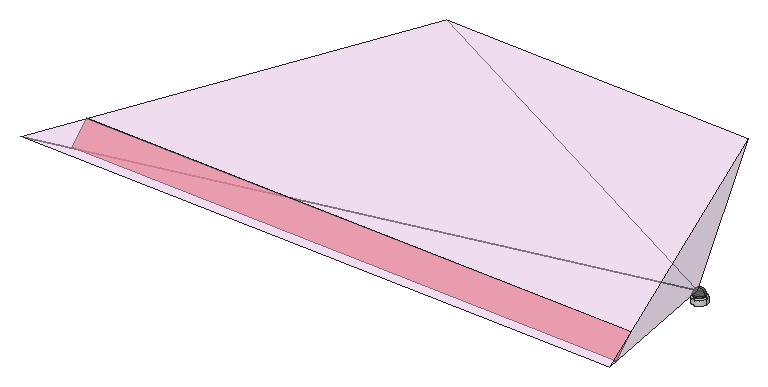
Revit family "Camera-Security-iPRO-2MP-PTZ-Network-U6530X_B6530XSeriesX", category Security Devices, host Face, Revit 2020
Family settings
  Host = Face
  Maintain Annotation Orientation = No
  Round Connector Dimension = Use Diameter
  Part Type = Normal
  OmniClass Number = 23.85.10.14.11
  OmniClass Title = Cameras
  Cut with Voids When Loaded = No
  Shared = No
  Room Calculation Point = No
Parameters (values of type "WV-B65301-Z1")
  z VV Viewpoint Depth Min = z VV Viewpoint Depth Max  # 1.80472"
  z VV Viewpoint Depth Max = if(or(z Camera Type = 11, z Camera Type = 21), 1.80472", if(or(z Camera Type = 12, z Camera Type = 22), 1.70039", 39.33071"))  # 1.80472"
  z VV Viewpoint Depth [instance] = (z VV Viewpoint Depth Max - z VV Viewpoint Depth Min) * z HFOV Ratio + z VV Viewpoint Depth Min  # 1.80472"
  z VV Origin HeightX [instance] = if(and(On Ceiling, Has Ceiling Mount), z VV Origin Height - z VV Origin Height Offset, z VV Origin Height)  # 3.80709"
  z VV Origin Height Offset [instance] = if(z Camera Type = 11, -1.25984", if(z Camera Type = 12, -1.41732", if(z Camera Type = 21, 2.24409", if(z Camera Type = 22, 2.83465", 39.33071"))))  # 2.24409"
  z VV Origin Height [instance] = if(or(z Camera Type = 11, z Camera Type = 21), 3.80709", if(or(z Camera Type = 12, z Camera Type = 22), 3.37402", 39.33071"))  # 3.80709"
  z Tilt Actual [instance] = Tilt Actual  # 45.00°
  z Pan Actual Safe [instance] = if(Pan Actual = -180.00°, 180.00°, Pan Actual)  # 0.00°
  z Pan Actual [instance] = Pan Actual  # 0.00°
  z Level Offset = 7.87402"  # constant formula
  z HFOV Ratio [instance] = (Horizontal FOV Actual - Horizontal FOV Min) / (Horizontal FOV Max - Horizontal FOV Min)  # 0.96383
  z Const Yaw Handle Length = 9.25197"  # constant formula
  z Const Yaw Base2 Length = 17.32283"  # constant formula
  z Const Yaw Base Length = 10.23622"  # constant formula
  z Const Tilt Handle Length = 11.81102"  # constant formula
  z Const Tilt Base2 Length = 19.68504"  # constant formula
  z Const Tilt Base Length = 9.84252"  # constant formula
  z Const Pan Handle Length = 19.48819"  # constant formula
  z Camera Type = 21
  z Camera Height = if(or(z Camera Type = 11, z Camera Type = 21), 5.74803", if(or(z Camera Type = 12, z Camera Type = 22), 6.29921", 39.33071"))  # 5.74803"
  z Camera Bottom Offset [instance] = if(not(Has Ceiling Mount), 3.93701", if(and(Has Ceiling Mount, z Camera Type = 11), 5.19685", if(and(Has Ceiling Mount, z Camera Type = 12), 5.35433", if(and(Has Ceiling Mount, z Camera Type = 21), 1.69291", if(and(Has Ceiling Mount, z Camera Type = 22), 1.10236", 39.33071")))))  # 3.93701"
  WV-QJB501-W Visibility [instance] = and(or(z Camera Type = 11, z Camera Type = 12), Has Ceiling Mount)  # no
  Wide Dynamic Range = (1 = 1)  # yes
  Water and Dust Resistance = "IP66, IEC60529 measuring standard compatible, Type 4X(UL50E), NEMA 4X compliant"  # constant formula
  WV-QEM503-W Visibility [instance] = and(or(z Camera Type = 21, z Camera Type = 22), Has Ceiling Mount)  # no
  Voltage [instance] = if(and(Power Supply type is PoE, not(Power Supply type is PoE Plus), not(Power Supply type is DC)), 48 V, if(and(not(Power Supply type is PoE), Power Supply type is PoE Plus, not(Power Supply type is DC)), 54 V, if(and(not(Power Supply type is PoE), not(Power Supply type is PoE Plus), Power Supply type is DC), 12 V, 48 V)))  # 48 V
  Shock Resistance = "IK10 (IEC 62262)"  # constant formula
  Resolution [instance] = Resolution : Full HD
  Power Supply type is PoE Plus [instance] = no
  Power Supply type is PoE [instance] = yes
  Power Supply type is DC [instance] = no
  Power Supply Type [instance] = if(and(Power Supply type is PoE, not(Power Supply type is PoE Plus), not(Power Supply type is DC)), "PoE", if(and(not(Power Supply type is PoE), Power Supply type is PoE Plus, not(Power Supply type is DC)), "PoE+", if(and(not(Power Supply type is PoE), not(Power Supply type is PoE Plus), Power Supply type is DC), "DC", "PoE")))  # "PoE"
  HD = Resolution : HD
  Full HD = Resolution : Full HD
  Decoration Cover Radius = 4.13976"
  Decoration Cover Wall Height = 0.11811"  # constant formula
  Decoration Cover Hole Radius = 1.634"
  Decoration Cover Height = 0.51969"
  Base Radius = 3.0315"
  Weight [instance] = 3.53 lbf
  Vertical FOV Min [instance] = if(and(Aspect Ratio 4_3, not(Aspect Ratio 16_9)), VFOV Min 43, VFOV Min 169)  # 3.80°
  Vertical FOV Max [instance] = if(and(Aspect Ratio 4_3, not(Aspect Ratio 16_9)), VFOV Max 43, VFOV Max 169)  # 37.00°
  Vertical FOV Actual [instance] = z HFOV Ratio * (Vertical FOV Max - Vertical FOV Min) + Vertical FOV Min  # 35.7993°
  Vandal Resistant = (1 = 1)  # yes
  VFOV Min 43 = VFOV Min 169  # 3.80°
  VFOV Min 169 = 3.80°
  VFOV Max 43 = VFOV Max 169  # 37.00°
  VFOV Max 169 = 37.00°
  URL = "https://i-pro.com/corp/en/"
  Tilting Range = "-15 to +195"  # constant formula
  Tilt Min = -15.00°  # constant formula
  Tilt Max = 195.00°  # constant formula
  Tilt Desired [instance] = 45.00°
  Tilt Actual [instance] = if(Tilt Desired > Tilt Max, Tilt Max, if(Tilt Desired < Tilt Min, Tilt Min, Tilt Desired))  # 45.00°
  Storage Temperature = "-30 °C to +65 °C (-22 °F to +136°F)"  # constant formula
  Show View Volume [instance] = yes
  Regulatory Compliance = "UL (UL62368-1), c-UL (CSA C22.2 No.62368-1), CE, IEC62368-1, FCC (Part15 ClassA), ICES-003 Issue 7 ClassA, EN55032 ClassA, EN55035"  # constant formula
  Provide Feedback = "https://i-pro.com/corp/en/contact-list/"
  Product Page URL = "https://cwc.i-pro.com/collections/all/products/wv-b65301-z1"
  Product Material = Paint - i-Pro White
  Product Documentation Link = "https://japancs.i-pro.com/space/DLJP/700580247/CAD"
  Power Active [instance] = if(and(Power Supply type is PoE, not(Power Supply type is PoE Plus), not(Power Supply type is DC)), 12.95 W, if(and(not(Power Supply type is PoE), Power Supply type is PoE Plus, not(Power Supply type is DC)), 18.4 W, if(and(not(Power Supply type is PoE), not(Power Supply type is PoE Plus), Power Supply type is DC), 15.6 W, 12.95 W)))  # 12.95 W
  Part Number = Model  # "WV-B65301-Z1"
  Part Description = Description  # "Security Camera, 2MP 10x Outdoor PTZ Network Camera, WV-B65301-Z1"
  Panning Range = "0 to 360"  # constant formula
  Pan Min = 0.00°  # constant formula
  Pan Max = 360.00°  # constant formula
  Pan Desired [instance] = 0.00°
  Pan Actual [instance] = if(Pan Desired > Pan Max, Pan Max, if(Pan Desired < Pan Min, Pan Min, Pan Desired))  # 0.00°
  PPM Desired [instance] = 300
  PPM Actual [instance] = if(PPM Desired > 1, PPM Desired, 1)  # 300
  Original Creation Date = "2022/08/26"  # constant formula
  Operational Temperature = "-30 °C to +55 °C (-22 °F to +131 °F)"  # constant formula
  Operational Humidity = "10 to 100 % (no condensation)"  # constant formula
  On Wall [instance] = not(On Ceiling)  # no
  On Ceiling [instance] = yes
  Mounting Positions = "Mount Dependent or Surface Mount"  # constant formula
  Model Disclaimer = "Contact i-PRO for more information"  # constant formula
  Model = "WV-B65301-Z1"
  Minimum Illumination = 0.015 lx  # constant formula
  Manufacturer = "i-PRO Co., Ltd."  # constant formula
  Indoor Or Outdoor = "Outdoor"  # constant formula
  IP Or Analog = "IP"  # constant formula
  Horizontal Resolution Actual [instance] = if(and(Aspect Ratio 4_3, not(Aspect Ratio 16_9)), Horizontal Resolution 43, Horizontal Resolution 169)  # 1920
  Horizontal Resolution 43 [instance] = if(and(Aspect Ratio 4_3, Resolution = Full HD), 2048, if(and(Aspect Ratio 4_3, Resolution = HD), 1280, 9999))  # 9999
  Horizontal Resolution 169 [instance] = if(and(Aspect Ratio 16_9, Resolution = Full HD), 1920, if(and(Aspect Ratio 16_9, Resolution = HD), 1280, 9999))  # 1920
  Horizontal FOV Min [instance] = if(and(Aspect Ratio 4_3, not(Aspect Ratio 16_9)), HFOV Min 43, HFOV Min 169)  # 6.70°
  Horizontal FOV Max [instance] = if(and(Aspect Ratio 4_3, not(Aspect Ratio 16_9)), HFOV Max 43, HFOV Max 169)  # 62.00°
  Horizontal FOV Desired [instance] = 60.00°
  Horizontal FOV Actual [instance] = if(Horizontal FOV Desired > Horizontal FOV Max, Horizontal FOV Max, if(Horizontal FOV Desired < Horizontal FOV Min, Horizontal FOV Min, Horizontal FOV Desired))  # 60.00°
  Height = 5.47244"
  Has POE = (1 = 1)  # yes
  Has Ceiling Mount [instance] = no
  HFOV Min 43 = 5.10°
  HFOV Min 169 = 6.70°
  HFOV Max 43 = 48.00°
  HFOV Max 169 = 62.00°
  Family Version = "1.0.0"  # constant formula
  Equipment Number [instance] = ""
  Equipment Abbreviation = "SC"  # constant formula
  Dome Diameter = 3.30709"
  Dome Bottom Offset = 0.19685"
  Distance to Screen [instance] = 393.70079"
  Distance to PPM Target [instance] = if(PPM Actual = 0, 0.000", 39.37008" * Horizontal Resolution Actual / (PPM Actual * 2 * tan(Horizontal FOV Actual / 2)))  # 218.21113"
  Distance to Floor [instance] = 118.11024"
  Distance to Ceiling [instance] = 0.000"
  Diameter = 6.49606"  # constant formula
  Description = "Security Camera, 2MP 10x Outdoor PTZ Network Camera, WV-B65301-Z1"
  Default Elevation = 0.000"
  Day Or Night = "Yes"  # constant formula
  Date Last Modified = "2022/08/26"  # constant formula
  Copyright = "Copyright © i-PRO Co., Ltd."  # constant formula
  Communication Ports = "10Base-T / 100Base-TX, RJ45 connector"  # constant formula
  Base Bracket Height = 1.41732"
  Base Height = 2.20472"
  Audio Out = "Yes"  # constant formula
  Audio In = "Yes"  # constant formula
  Aspect Ratio 4_3 [instance] = not(Aspect Ratio 16_9)  # no
  Aspect Ratio 16_9 [instance] = yes
  Angle Of View = "62"
  Alarm Input Or Output Specification = "ALARM IN 1 (Alarm input 1/ Black & white input/ Auto time adjustment input) (x1), ALARM IN 2 (Alarm input 2/ ALARM OUT) (x1), ALARM IN 3 (Alarm input 3/ AUX OUT) (x1)"  # constant formula
  Accessory Part Number [instance] = if(and(Has Ceiling Mount, or(z Camera Type = 11, z Camera Type = 12)), "WV-QJB501W", if(and(Has Ceiling Mount, z Camera Type = 21), "WV-QEM503-W", if(and(Has Ceiling Mount, z Camera Type = 22), "WV-QEM504-W", "Select a Mounting Option")))  # "Select a Mounting Option"
Types (4): name | z VV Viewpoint Depth Min | z VV Viewpoint Depth Max | z VV Viewpoint Depth | z VV Origin HeightX | z VV Origin Height Offset | z VV Origin Height | z HFOV Ratio | z Camera Type | z Camera Height | Weight | Vertical FOV Min | Vertical FOV Max | Vertical FOV Actual | VFOV Min 43 | VFOV Min 169 | VFOV Max 43 | VFOV Max 169 | Product Page URL | Product Documentation Link | Part Number | Part Description | Model | Horizontal FOV Min | Horizontal FOV Max | Height | HFOV Min 43 | HFOV Min 169 | HFOV Max 43 | HFOV Max 169 | Description | Angle Of View
  WV-U65301-Z1 | 1.80472" | 1.80472" | 1.80472" | 3.80709" | -1.25984" | 3.80709" | 0.96383 | 11 | 5.74803" | 3.53 lbf | 3.80° | 37.00° | 35.7993° | 3.80° | 3.80° | 37.00° | 37.00° | "https://i-pro.com/global/en/surveillance/products/wv-u65301-z1" | "https://bizpartner.panasonic.net/public/product/wv-u65301-z1?accordion_tab=96" | "WV-U65301-Z1" | "Security Camera, 2MP 10x Outdoor PTZ Network Camera, WV-U65301-Z1" | "WV-U65301-Z1" | 6.70° | 62.00° | 5.47244" | 5.10° | 6.70° | 48.00° | 62.00° | "Security Camera, 2MP 10x Outdoor PTZ Network Camera, WV-U65301-Z1" | "62"
  WV-B65301-Z1 | 1.80472" | 1.80472" | 1.80472" | 3.80709" | 2.24409" | 3.80709" | 0.96383 | 21 | 5.74803" | 3.53 lbf | 3.80° | 37.00° | 35.7993° | 3.80° | 3.80° | 37.00° | 37.00° | "https://cwc.i-pro.com/collections/all/products/wv-b65301-z1" | "https://japancs.i-pro.com/space/DLJP/700580247/CAD" | "WV-B65301-Z1" | "Security Camera, 2MP 10x Outdoor PTZ Network Camera, WV-B65301-Z1" | "WV-B65301-Z1" | 6.70° | 62.00° | 5.47244" | 5.10° | 6.70° | 48.00° | 62.00° | "Security Camera, 2MP 10x Outdoor PTZ Network Camera, WV-B65301-Z1" | "62"
  WV-U65302-Z2 | 1.70039" | 1.70039" | 1.70039" | 3.37402" | -1.41732" | 3.37402" | 0.76808 | 12 | 6.29921" | 3.75 lbf | 2.20° | 44.00° | 34.3056° | 2.20° | 2.20° | 44.00° | 44.00° | "https://i-pro.com/global/en/surveillance/products/wv-u65302-z2" | "https://bizpartner.panasonic.net/public/product/wv-u65302-z2?accordion_tab=96" | "WV-U65302-Z2" | "Security Camera, 2MP 21x Outdoor PTZ Network Comera, WV-U65302-Z2" | "WV-U65302-Z2" | 3.70° | 77.00° | 6.02362" | 2.90° | 3.70° | 58.00° | 77.00° | "Security Camera, 2MP 21x Outdoor PTZ Network Comera, WV-U65302-Z2" | "77"
  WV-B65302-Z2 | 1.70039" | 1.70039" | 1.70039" | 3.37402" | 2.83465" | 3.37402" | 0.76808 | 22 | 6.29921" | 3.75 lbf | 2.20° | 44.00° | 34.3056° | 2.20° | 2.20° | 44.00° | 44.00° | "https://cwc.i-pro.com/collections/all/products/wv-b65302-z2" | "https://japancs.i-pro.com/space/DLJP/700580247/CAD" | "WV-B65302-Z2" | "Security Camera, 2MP 21x Outdoor PTZ Network Camera, WV-B65302-Z2" | "WV-B65302-Z2" | 3.70° | 77.00° | 6.02362" | 2.90° | 3.70° | 58.00° | 77.00° | "Security Camera, 2MP 21x Outdoor PTZ Network Camera, WV-B65302-Z2" | "77"
Reference planes (in)
  plane 1 "Center (Front/Back)": y = 0
  plane 2: z = 0
  plane 3 "Center (Left/Right)": x = 0
  plane 4: y = 0
  plane 5 "BP": z = 3.80709
  plane 6: z = 0
  plane 7: x = 3.24803
  plane 8: z = -3.93701
  plane 9: z = 7.87402
Forms (in)
  Extrusion 1, solid
    sketch origin (0, 0, 0) x (1, 0, 0) y (0, 1, 0)
      loop
        circle (0, 0) r 0.3937
    from 0 to 0.3937
Lines and regions (in)
  reference lines
    curve 1: line (0, 0, 0) -> (0, 0, -0.19685)
    curve 2: line (0, 1, -8.88435) -> (0, -1, -8.88435)
  symbolic lines, not visible
    curve 3: line (-1.15, -2.6875, 0) -> (1.15, -2.6875, 0)
Dimensions and locks (in)
  plane 4 to plane 1 "Center (Front/Back)" = 0.000"
  locked: plane 7 to plane 3 "Center (Left/Right)" at 3.24803
  "z Camera Bottom Offset": plane 6 to plane 8
  locked: plane 9 to level at 7.87402
  locked: plane 9 to plane 8 at 11.81102
  "z VV Origin Height": plane 5 "BP" to plane 6
  aligned and locked: plane 2 to host face
  aligned and locked: level to host face
  aligned and locked: plane 4 to curve 1
  aligned and locked: nested 1 to plane 1 "Center (Front/Back)"
Automatic sketch dimensions
  host sketch curve to host sketch curve = 96.000"  (x2)
  curve 3 to plane 3 "Center (Left/Right)" = 1.150"
  plane 3 "Center (Left/Right)" to curve 3 = 1.150"
  curve 1 to curve 2 = 1.000"
  curve 1 to curve 2 = 8.6875"
  curve 2 to curve 1 = 1.000"
  plane 1 "Center (Front/Back)" to curve 3 = 2.6875"
  plane 1 "Center (Front/Back)" to Extrusion 1 sketch curve = 0.000"
  Extrusion 1 sketch curve to plane 3 "Center (Left/Right)" = 0.000"
  curve 1 to level = 0.000"
  curve 1 to plane 6 = 0.19685"
  radius of Extrusion 1 sketch curve = 0.3937"
Nested families (in)
  nested 1: "Camera-Security-Panasonic-ViewVolumePTYZ" at (0, 0, 3.80709), Viewpoint Depth <- "z VV Viewpoint Depth", Base Height Offset <- "z VV Origin HeightX", Tilt <- "Tilt Actual", Pan <- "Pan Actual", HFOV <- "Horizontal FOV Actual", VFOV <- "Vertical FOV Actual", On Wall <- "On Wall", On Ceiling <- "On Ceiling", Screen Depth <- "Distance to Screen", Floor Distance <- "Distance to Floor", Ceiling Distance <- "Distance to Ceiling", Target Depth <- "Distance to PPM Target", visible <- "Show View Volume", type "Camera-Security-Panasonic-ViewVolumePTYZ"
    with z Yaw Actual 0.00°, z Void Width 1253.23171", z Void Thickness 399.3126", z Void Height Start -626.61585", z Void Height End 626.61585", z Void Direction 0, z Void Angle 0.00°, z Viewpoint Depth 1.80472", z Tilt Actual 45.00°, z Target Width 251.9685", z Target Visible yes, z Target Height 140.9575", z Target Depth 220.01585", z Screen Width 454.60651", z Screen Height 254.31829", z Screen Depth 395.50551", z Pan Actual 0.00°, z Floor Distance 118.11024", z Ceiling Distance 0.000", Yaw 0.00°, Viewpoint Origin Horizontal Offset 0.000", Viewpoint Depth 1.80472", VFOV 35.7993°, Tilt 45.00°, Target Depth 218.21113", Screen Depth 393.70079", Pan 0.00°, On Wall no, On Floor no, On Default Mount Type 0, On Ceiling yes, HFOV 60.00°, Floor Distance 118.11024", Ceiling Distance 0.000", Base Height Offset 3.80709", Base Angle Offset 0.00°
  nested 2: "Ceiling Mount" at (0, 0, 0), Product Material <- "Product Material", WV-QJB501-W Visible <- "WV-QJB501-W Visibility", WV-QEM503-W Visible <- "WV-QEM503-W Visibility", type "Ceiling Mount"
    with Wall Height 0.31496", WV-QJB501-W Visible no, WV-QEM503-W Visible no, Top Ring Width 0.41732", Product Material Paint - i-Pro White, Hole Radius 1.65354", Decoration Cover Radius 4.17323", Decoration Cover Height 0.51181"
  nested 3: "CameraBody WV-U6530X_B6530X-Series" at (0, 0, 0), Camera Height <- "z Camera Height", type "CameraBody WV-U6530X_B6530X-Series"
    with Product Material none, Camera Height 5.74803"
Connectors (in)
  electrical at (0, 0, 0), driven by "Power Active", driven by "Voltage"
    settings: on host face, index 3, voltage 48 V, apparent load 12.95 W, apparent load phase1 0.0 W, apparent load phase2 0.0 W, apparent load phase3 0.0 W, power factor 1, load classification "Other", number of poles 1, system type 30, power factor state 1, is connector primary yes, connector utility no, sub classification motor no, connector description "Electrical Connection"
  electrical at (0, 0, 0)
    settings: on Extrusion 1, index 5, voltage 0 V, apparent load 0.0 W, apparent load phase1 0.0 W, apparent load phase2 0.0 W, apparent load phase3 0.0 W, power factor 1, load classification "Other", number of poles 1, system type 5, power factor state 1, is connector primary no, connector utility no, sub classification motor no, connector description "Data Connection"
Definition of nested family "Camera-Security-Panasonic-ViewVolumePTYZ"
  Parameters
    z Yaw Actual [instance] = if(Yaw < 0.00°, 360.00° - (abs(Yaw) - rounddown(abs(Yaw) / 360.00°) * 360.00°), Yaw - rounddown(Yaw / 360.00°) * 360.00°)  # 0.00°
    z Void Width [instance] = if(z Screen Width > z Screen Height, z Screen Width, z Screen Height) + abs(Viewpoint Origin Horizontal Offset) + z Void Thickness * 2  # 1265.63013"
    z Void Thickness [instance] = z Screen Depth + abs(Base Height Offset)  # 405.51181"
    z Void Height Start [instance] = -z Void Width / 2  # -632.81507"
    z Void Height End [instance] = z Void Width / 2  # 632.81507"
    z Void Direction [instance] = if((if(On Wall, 1, 0) + if(On Floor, 1, 0) + if(On Ceiling, 1, 0)) = 1, if(On Ceiling, 0, if(On Wall, 1, 2)), On Default Mount Type)  # 0
    z Viewpoint Depth [instance] = if(Viewpoint Depth < 0.03937", 0.03937", Viewpoint Depth)  # 5.90551"
    z Tilt Actual [instance] = if(Tilt < 0.00°, 360.00° - (abs(Tilt) - rounddown(abs(Tilt) / 360.00°) * 360.00°), Tilt - rounddown(Tilt / 360.00°) * 360.00°)  # 45.00°
    z Target Visible [instance] = not(Screen Depth < Target Depth)  # yes
    z Target Thickness Start = -z Target Thickness / 2  # -0.03937"
    z Target Thickness End = z Target Thickness / 2  # 0.03937"
    z Target Depth [instance] = Target Depth + Viewpoint Depth  # 84.64567"
    z Pan Actual [instance] = if(Pan < 0.00°, 360.00° - (abs(Pan) - rounddown(abs(Pan) / 360.00°) * 360.00°), Pan - rounddown(Pan / 360.00°) * 360.00°)  # 0.00°
    z Floor Distance [instance] = if(z Void Direction = 2, if(Floor Distance < 0.000", 0.000", Floor Distance), if(Floor Distance < 0.3937", 0.3937", Floor Distance))  # 118.11024"
    z Const Yaw Base2 Length = 17.32283"  # constant formula
    z Const Tilt Base2 Length = 19.68504"  # constant formula
    z Ceiling Distance [instance] = if(z Void Direction = 2, if(Ceiling Distance < 0.3937", 0.3937", Ceiling Distance), if(Ceiling Distance < 0.000", 0.000", Ceiling Distance))  # 0.000"
    z Const Void Handle Length = 23.62205"  # constant formula
    z Void Angle [instance] = if(z Void Direction = 0, 0.00° + Base Angle Offset, if(z Void Direction = 1, 90.00° + Base Angle Offset, 180.00° + Base Angle Offset))  # 0.00°
    z Screen Depth [instance] = if(Screen Depth < 3.93701", 3.93701" + Viewpoint Depth, Screen Depth + Viewpoint Depth)  # 399.6063"
    Original Creation Date = "September, 15, 2016"  # constant formula
    On Default Mount Type [instance] = 0
    Manufacturer = "Panasonic"  # constant formula
    Family Version = "1.0.0"  # constant formula
    Default Elevation = 48.000"
    Date Last Modified = "September, 15, 2016"  # constant formula
    Copyright = "Copyright © Panasonic"  # constant formula
    Base Height Offset [instance] = 5.90551"
    Base Angle Offset [instance] = 0.00°
    z Viewpoint Width = 0.03937"  # constant formula
    z Viewpoint Height = 0.03937"  # constant formula
    VFOV [instance] = 33.75°
    z Target Width [instance] = Target Depth * tan(HFOV / 2) * 2  # 90.9213"
    z Target Thickness = 0.07874"  # constant formula
    z Target Height [instance] = Target Depth * tan(VFOV / 2) * 2  # 47.77113"
    Target Depth [instance] = 78.74016"
    z Screen Width [instance] = (z Screen Depth - Viewpoint Depth) * tan(HFOV / 2) * 2  # 454.60651"
    z Screen Height [instance] = (z Screen Depth - Viewpoint Depth) * tan(VFOV / 2) * 2  # 238.85566"
    Screen Depth [instance] = 393.70079"
    z Const Yaw Handle Length = 9.25197"  # constant formula
    z Const Yaw Base Length = 10.23622"  # constant formula
    Viewpoint Depth [instance] = 5.90551"
    Viewpoint Origin Horizontal Offset [instance] = 0.000"
    z Const Tilt Handle Length = 14.17323"  # constant formula
    z Const Tilt Base Length = 9.84252"  # constant formula
    z Const Pan Handle Length = 19.68504"  # constant formula
    z Const Pan Axis Length = 15.74803"  # constant formula
    On Wall [instance] = no
    On Floor [instance] = no
    On Ceiling [instance] = yes
    HFOV [instance] = 60.00°
    Yaw [instance] = 0.00°
    Tilt [instance] = 45.00°
    Pan [instance] = 0.00°
    Floor Distance [instance] = 118.11024"
    Ceiling Distance [instance] = 0.000"
  Reference planes (in)
    plane 1 "Center (Front/Back)": y = 0
    plane 2: z = 0
    plane 3 "Center (Left/Right)": x = 0
    plane 4 "VoidOffsetBase": z = -5.90551
  Forms (in)
    Extrusion 1, void
      sketch origin (0, 0, -5.90551) x (0, 0, 1) y (0, -1, 0)
        loop
          line (523.62205, 632.81507) -> (118.11024, 632.81507) -> (118.11024, -632.81507) -> (523.62205, -632.81507) -> (523.62205, 632.81507)
        loop
          line (0, 632.81507) -> (-405.51181, 632.81507) -> (-405.51181, -632.81507) -> (0, -632.81507) -> (0, 632.81507)
      from -632.81507 <- "z Void Height Start" to 632.81507 <- "z Void Height End"
    Blend 2, solid
      base sketch origin (0, -4.17583, 4.17583) x (0, 0.707107, 0.707107) y (-1, 0, 0)
        loop
          line (-0.01969, -0.01969) -> (0.01969, -0.01969) -> (0.01969, 0.01969) -> (-0.01969, 0.01969) -> (-0.01969, -0.01969)
      top sketch origin (0, -282.56432, 282.56432) x (0, 0.707107, 0.707107) y (-1, 0, 0)
        loop
          line (-119.42783, -227.30326) -> (119.42783, -227.30326) -> (119.42783, 227.30326) -> (-119.42783, 227.30326) -> (-119.42783, -227.30326)
      from 0 to 0
    Extrusion 3, solid, visible <- "z Target Visible"
      sketch origin (0, -59.85353, 59.85353) x (0, 0.707107, 0.707107) y (-1, 0, 0)
        loop
          line (-23.88557, -45.46065) -> (23.88557, -45.46065) -> (23.88557, 45.46065) -> (-23.88557, 45.46065) -> (-23.88557, -45.46065)
      from -0.03937 <- "z Target Thickness Start" to 0.03937 <- "z Target Thickness End"
  Cuts and joins
    Extrusion 1 cuts Blend 2
    Extrusion 1 cuts Extrusion 3
  Lines and regions (in)
    reference lines
      curve 1: line (0, 0, 0) -> (19.68504, 0, 0)
      curve 2: line (0, 0, -15.74803) -> (0, 0, 0)
      curve 3: line (0, 0, 0) -> (0, -9.84252, 0)
      curve 4: line (0, 0, 0) -> (0, 0, 19.68504)
      curve 5: line (0, -10.02199, 10.02199) -> (0, 0, 0)
      curve 6: line (0, 0, 0) -> (0, 7.2381, 7.2381)
      curve 7: line (0, 0, 0) -> (-17.32283, 0, 0)
      curve 8: line (0, 0, 0) -> (-9.25197, 0, 0)
      curve 9: line (0, -4.17583, 4.17583) -> (0, 0, 0)
      curve 10: line (0, 0, 0) -> (0, -59.85353, 59.85353)
      curve 11: line (0, 0, 0) -> (0, -282.56432, 282.56432)
      curve 12: line (-0.01969, -4.16191, 4.18975) -> (0.01969, -4.16191, 4.18975)
      curve 13: line (-0.01969, -4.18975, 4.16191) -> (0.01969, -4.18975, 4.16191)
      curve 14: line (-0.01969, -4.16191, 4.18975) -> (-0.01969, -4.18975, 4.16191)
      curve 15: line (0.01969, -4.16191, 4.18975) -> (0.01969, -4.18975, 4.16191)
      curve 16: line (-45.46065, -42.96388, 76.74317) -> (45.46065, -42.96388, 76.74317)
      curve 17: line (-45.46065, -76.74317, 42.96388) -> (45.46065, -76.74317, 42.96388)
      curve 18: line (-45.46065, -42.96388, 76.74317) -> (-45.46065, -76.74317, 42.96388)
      curve 19: line (45.46065, -42.96388, 76.74317) -> (45.46065, -76.74317, 42.96388)
      curve 20: line (-227.30326, -198.1161, 367.01255) -> (-227.30326, -367.01255, 198.1161)
      curve 21: line (227.30326, -198.1161, 367.01255) -> (227.30326, -367.01255, 198.1161)
      curve 22: line (-227.30326, -198.1161, 367.01255) -> (227.30326, -198.1161, 367.01255)
      curve 23: line (-227.30326, -367.01255, 198.1161) -> (227.30326, -367.01255, 198.1161)
      curve 24: line (0, 0, -5.90551) -> (0, 0, 17.71654)
      curve 25: line (0, -632.81507, 517.71654) -> (0, 632.81507, 517.71654)
      curve 26: line (0, -632.81507, 112.20472) -> (0, -632.81507, 517.71654)
      curve 27: line (0, 632.81507, 112.20472) -> (0, -632.81507, 112.20472)
      curve 28: line (0, 632.81507, 517.71654) -> (0, 632.81507, 112.20472)
      curve 29: line (0, -632.81507, -5.90551) -> (0, 632.81507, -5.90551)
      curve 30: line (0, -632.81507, -411.41732) -> (0, -632.81507, -5.90551)
      curve 31: line (0, 632.81507, -411.41732) -> (0, -632.81507, -411.41732)
      curve 32: line (0, 632.81507, -5.90551) -> (0, 632.81507, -411.41732)
  Dimensions and locks (in)
    "z Const Pan Handle Length": curve 1 to curve 1
    "z Const Pan Axis Length": curve 2 to curve 2
    "z Const Tilt Base Length": curve 3 to curve 3
    "z Const Pan Axis Length": curve 1 to curve 2
    "Viewpoint Origin Horizontal Offset": curve 4 to curve 2
    "z Const Tilt Base2 Length": curve 4 to curve 4
    "z Const Tilt Handle Length": curve 5 to curve 5
    "z Const Yaw Base Length": curve 6 to curve 6
    "z Const Yaw Base2 Length": curve 7 to curve 7
    "z Const Yaw Handle Length": curve 8 to curve 8
    "z Viewpoint Depth": curve 9 to curve 9
    "z Target Depth": curve 10 to curve 10
    "z Screen Depth": curve 11 to curve 11
    equal spacing: curve 13, curve 9, curve 12
    "z Viewpoint Height": curve 13 to curve 12
    equal spacing: curve 14, curve 9, curve 15
    "z Viewpoint Width": curve 14 to curve 15
    equal spacing: curve 17, curve 10, curve 16
    "z Target Height": curve 17 to curve 16
    equal spacing: curve 18, curve 10, curve 19
    "z Target Width": curve 18 to curve 19
    equal spacing: curve 20, curve 11, curve 21
    "z Screen Width": curve 20 to curve 21
    equal spacing: curve 23, curve 11, curve 22
    "z Screen Height": curve 23 to curve 22
    "z Const Void Handle Length": curve 24 to curve 24
    equal spacing: curve 26, curve 24, curve 28
    "z Void Width": curve 26 to curve 28
    "z Floor Distance": curve 27 to curve 24
    "z Ceiling Distance": curve 29 to curve 24
    "z Void Thickness": curve 31 to curve 29
    "z Void Thickness": curve 25 to curve 27
    "Base Height Offset": level to plane 4 "VoidOffsetBase"
    locked: curve 3 to curve 2 (angle 90.00°)
    locked: curve 3 to curve 4 (angle 90.00°)
    "z Tilt Actual": angle curve 4 to curve 5
    locked: curve 6 to curve 7 (angle 90.00°)
    locked: curve 6 to curve 5 (angle 90.00°)
    locked: curve 9 to curve 5 (angle 0.00°)
    locked: curve 10 to curve 5 (angle 0.00°)
    locked: curve 11 to curve 5 (angle 0.00°)
    "z Void Angle": angle plane 1 "Center (Front/Back)" to curve 24
    "z Yaw Actual": angle curve 7 to curve 8
    "z Pan Actual": angle plane 1 "Center (Front/Back)" to curve 1
    aligned and locked: level to plane 2
    aligned and locked: curve 2 to curve 1
    aligned and locked: curve 2 to curve 3
    aligned and locked: curve 3 to curve 2
    aligned and locked: curve 3 to curve 5
    aligned and locked: curve 6 to curve 7
    aligned and locked: curve 6 to curve 8
    aligned and locked: curve 8 to curve 7
    aligned and locked: curve 7 to curve 6
    aligned and locked: curve 5 to curve 11
    aligned and locked: curve 11 to curve 8
    aligned and locked: curve 12 to curve 15
    aligned and locked: curve 15 to curve 15
    aligned and locked: curve 14 to curve 14
    aligned and locked: curve 13 to curve 15
    aligned and locked: curve 16 to curve 19
    aligned and locked: curve 18 to curve 18
    aligned and locked: curve 17 to curve 19
    aligned and locked: curve 22 to curve 22
    aligned and locked: curve 21 to curve 23
    aligned and locked: curve 20 to curve 23
    aligned and locked: curve 23 to curve 23
    aligned and locked: plane 1 "Center (Front/Back)" to curve 24
    aligned and locked: curve 30 to curve 26
    aligned and locked: curve 28 to curve 32
    aligned and locked: Extrusion 1 sketch curve to curve 25
    aligned and locked: Extrusion 1 sketch curve to curve 26
    aligned and locked: Extrusion 1 sketch curve to curve 27
    aligned and locked: Extrusion 1 sketch curve to curve 28
    aligned and locked: Extrusion 1 sketch curve to curve 29
    aligned and locked: Extrusion 1 sketch curve to curve 30
    aligned and locked: Extrusion 1 sketch curve to curve 31
    aligned and locked: Extrusion 1 sketch curve to curve 32
    aligned and locked: Extrusion 1 sketch curve to Extrusion 1 sketch curve  (x8)
    aligned and locked: Blend 2 sketch curve to curve 15
    aligned and locked: Blend 2 sketch curve to curve 13
    aligned and locked: Blend 2 sketch curve to curve 14
    aligned and locked: Blend 2 sketch curve to curve 12
    aligned and locked: Blend 2 sketch curve to Blend 2 sketch curve  (x8)
    aligned and locked: Blend 2 sketch curve to curve 21
    aligned and locked: Blend 2 sketch curve to curve 23
    aligned and locked: Blend 2 sketch curve to curve 20
    aligned and locked: Blend 2 sketch curve to curve 22
    aligned and locked: Extrusion 3 sketch curve to curve 19
    aligned and locked: Extrusion 3 sketch curve to curve 17
    aligned and locked: Extrusion 3 sketch curve to curve 18
    aligned and locked: Extrusion 3 sketch curve to curve 16
    aligned and locked: Extrusion 3 sketch curve to Extrusion 3 sketch curve  (x4)
    aligned and locked: plane 3 "Center (Left/Right)" to curve 1
    aligned and locked: plane 1 "Center (Front/Back)" to curve 1
    aligned and locked: level to curve 2
    aligned and locked: plane 4 "VoidOffsetBase" to curve 24
  Automatic sketch dimensions
    curve 6 to curve 5 = 0.000"
    curve 6 to curve 5 = 10.23622"
Definition of nested family "CameraBody WV-U6530X_B6530X-Series"
  Parameters (values of type "CameraBody WV-U6530X_B6530X-Series")
    Product Material [instance] = none
    Default Elevation = 48.000"
    Camera Height [instance] = 5.74803"
  Reference planes (in)
    plane 1 "Center (Front/Back)": y = 0
    plane 2: z = 0
    plane 3 "Center (Left/Right)": x = 0
    plane 4: z = 5.74803
    plane 5: x = 3.24803
    plane 6: x = 2.5
    plane 7: z = 3.24803
    plane 8: z = 2.65748
    plane 9: x = 2.77559
    plane 10: z = 2.02756
    plane 11: x = 3.14961
  Forms (in)
    Extrusion 1, solid
      sketch origin (0, 0, 0) x (1, 0, 0) y (0, 1, 0)
        loop
          line (-48, 48) -> (-48, -48) -> (48, -48) -> (48, 48) -> (-48, 48)
      from 0 to -12
    Revolve 2, solid
      sketch origin (0, 0, 0) x (1, 0, 0) y (0, 0, 1)
        loop
          line (0, 5.74803) -> (0, 2.65748) -> (2.5, 2.65748) -> (2.5, 3.24803)
          arc (2.5, 3.24803) -> (1.76777, 5.0158) -> (0, 5.74803) r 2.5
        axis (0, 5.74803) -> (0, 2.65748)
      angle from 0 to 360
    Revolve 3, solid, material <- "Product Material"
      sketch origin (0, 0, 0) x (1, 0, 0) y (0, 0, 1)
        loop
          line (0, 2.65748) -> (0, 0) -> (3.24803, 0) -> (3.14961, 2.02756) -> (2.77559, 2.65748) -> (0, 2.65748)
        axis (0, 2.65748) -> (0, 0)
      angle from 0 to 360
  Dimensions and locks (in)
    "Camera Height": plane 4 to level
    locked: plane 5 to plane 3 "Center (Left/Right)" at 3.24803
    locked: plane 6 to plane 3 "Center (Left/Right)" at 2.5
    locked: plane 4 to plane 7 at 2.5
    locked: plane 7 to plane 8 at 0.59055
    locked: plane 9 to plane 5 at 0.47244
    locked: plane 8 to plane 10 at 0.62992
    plane 11 to plane 5 = 0.09843"
    aligned and locked: plane 2 to Extrusion 1
    aligned and locked: level to Extrusion 1
    aligned and locked: Revolve 2 sketch curve to plane 3 "Center (Left/Right)"
    aligned and locked: plane 8 to Revolve 3 sketch curve
    aligned and locked: Revolve 3 sketch curve to level
    aligned and locked: plane 5 to Revolve 3 sketch curve
    aligned and locked: plane 9 to Revolve 3 sketch curve
    aligned and locked: Revolve 3 sketch curve to plane 3 "Center (Left/Right)"  (x2)
    aligned and locked: plane 11 to Revolve 3 sketch curve
  Automatic sketch dimensions
    Extrusion 1 sketch curve to Extrusion 1 sketch curve = 96.000"  (x2)
    Revolve 2 sketch curve to plane 3 "Center (Left/Right)" = 0.000"
    Revolve 2 sketch curve to plane 6 = 0.000"
    Revolve 2 sketch curve to plane 8 = 0.000"
    Revolve 2 sketch curve to plane 7 = 0.000"
    Revolve 2 sketch curve to level = 0.7874"
    Revolve 2 sketch curve to Revolve 2 sketch curve = 0.94488"
    Revolve 3 sketch curve to plane 10 = 0.000"
    Revolve 3 sketch curve to level = 24.000"
    plane 4 to Revolve 3 sketch curve = 96.97079"
Definition of nested family "Ceiling Mount"
  Parameters (values of type "Decoration Cover")
    Wall Height [instance] = 0.31496"
    WV-QJB501-W Visible [instance] = yes
    WV-QEM503-W Visible [instance] = yes
    Top Ring Width [instance] = Decoration Cover Radius / 10  # 0.41732"
    Product Material [instance] = none
    Hole Radius [instance] = 1.65354"
    Default Elevation = 48.000"
    Decoration Cover Height [instance] = 0.51181"
    Decoration Cover Radius [instance] = 4.17323"
  Reference planes (in)
    plane 1 "Center (Front/Back)": y = 0
    plane 2: z = 0
    plane 3 "Center (Left/Right)": x = 0
    plane 4: y = 4.17323
    plane 5: z = 0.51181
    plane 6: z = 0.31496
    plane 7: y = 1.65354
    plane 8: y = 2.07087
    plane 9: y = 3.2874
    plane 10: z = 1.69291
    plane 11: y = 3.20866
  Forms (in)
    Extrusion 1, solid
      sketch origin (0, 0, 0) x (1, 0, 0) y (0, 1, 0)
        loop
          line (-48, 48) -> (-48, -48) -> (48, -48) -> (48, 48) -> (-48, 48)
      from 0 to -12
    Revolve 2, solid, material <- "Product Material", visible <- "WV-QEM503-W Visible"
      sketch origin (0, 0, 0) x (0, 1, 0) y (0, 0, 1)
        loop
          line (2.07087, 0.51181) -> (1.65354, 0.51181) -> (1.65354, 0) -> (4.17323, 0) -> (4.17323, 0.31496) -> (2.07087, 0.51181)
        axis (0, 0) -> (0, 0.51181)
      angle from 0 to 360
    Revolve 3, solid, material <- "Product Material", visible <- "WV-QJB501-W Visible"
      sketch origin (0, 0, 0) x (0, 1, 0) y (0, 0, 1)
        loop
          line (0, 0) -> (3.2874, 0) -> (3.20866, 1.69291) -> (0, 1.69291) -> (0, 0)
        axis (0, 0) -> (0, 1.69291)
      angle from 0 to 360
  Dimensions and locks (in)
    "Decoration Cover Radius": plane 1 "Center (Front/Back)" to plane 4
    "Decoration Cover Height": plane 5 to level
    "Hole Radius": plane 1 "Center (Front/Back)" to plane 7
    "Top Ring Width": plane 7 to plane 8
    "Wall Height": plane 6 to level
    locked: plane 1 "Center (Front/Back)" to plane 9 at 3.2874
    locked: plane 10 to level at 1.69291
    aligned and locked: plane 2 to Extrusion 1
    aligned and locked: level to Extrusion 1
    aligned and locked: Revolve 2 sketch curve to plane 4
    aligned and locked: plane 8 to Revolve 2 sketch curve
    aligned and locked: Revolve 3 sketch curve to plane 1 "Center (Front/Back)"
  Automatic sketch dimensions
    Extrusion 1 sketch curve to Extrusion 1 sketch curve = 96.000"  (x2)
    Revolve 2 sketch curve to plane 1 "Center (Front/Back)" = 0.000"
    Revolve 2 sketch curve to level = 0.000"
    Revolve 2 sketch curve to plane 7 = 0.000"
    Revolve 2 sketch curve to plane 6 = 0.000"
    Revolve 2 sketch curve to plane 5 = 0.000"
    Revolve 2 sketch curve to level = 24.000"
    plane 5 to Revolve 2 sketch curve = 91.65775"
    Revolve 3 sketch curve to level = 0.000"
    Revolve 3 sketch curve to plane 1 "Center (Front/Back)" = 0.000"
    Revolve 3 sketch curve to plane 10 = 0.000"
    Revolve 3 sketch curve to plane 9 = 0.07874"
    Revolve 3 sketch curve to plane 9 = 0.000"
    Revolve 3 sketch curve to level = 24.000"
    plane 10 to Revolve 3 sketch curve = 90.58294"
